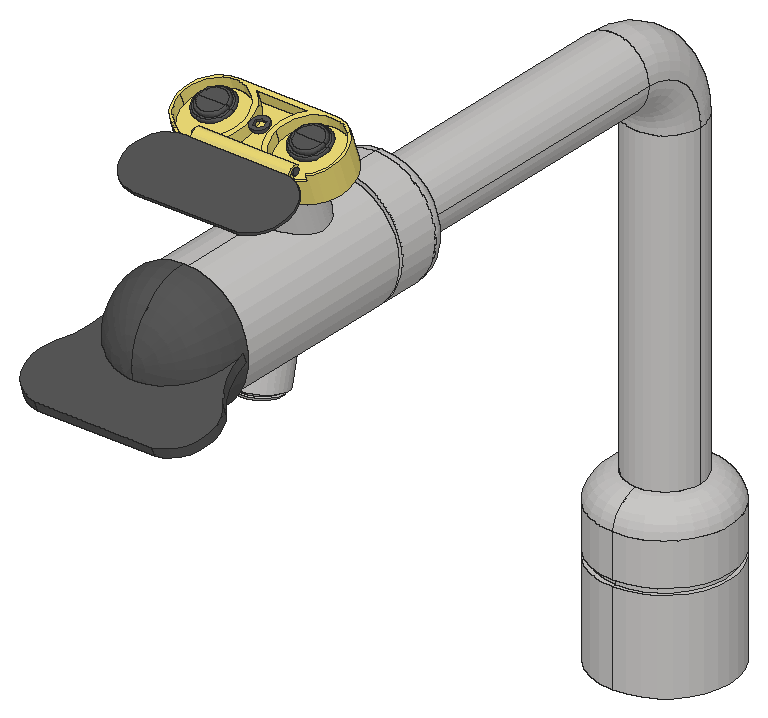
Revit family "SEF-1000-8", category Plumbing Fixtures, Revit 2023
Family settings
  Round Connector Dimension = Use Diameter
  Part Type = Normal
  OmniClass Number = 23.45.00.00
  OmniClass Title = Sanitary, Laundry, and Cleaning Equipment
  Work Plane-Based = No
  Enable Cutting in Views = No
  Always vertical = Yes
  Cut with Voids When Loaded = No
  Maintain Annotation Orientation = No
  Shared = No
  Room Calculation Point = No
Parameters
  Default Elevation = 0"
Reference planes (in)
  plane 1 "Center (Front/Back)": y = 0
  plane 2: z = 0
  plane 3 "Center (Left/Right)": x = 0
  plane 4: z = 0
  plane 5: z = 8.604
  plane 6 "Center L/S": y = -7.875
  plane 7: z = 10.865
  plane 8: z = 7.25
  plane 9 "Center L/T": y = -7.985
  plane 10 "Center L/U": y = -1.47
  plane 11 "Center L/V": y = -3.5
  plane 12: z = 4.624
  plane 13: y = -5.375
  plane 14: y = -10.375
  plane 15: y = -9.36
  plane 16: through (480, -8.23508, 10.66716) normal (0, -0.342, 0.9397)
  plane 17: through (480, -8.23508, 10.66716) normal (0, -0.9397, -0.342)
  plane 18: through (480, -7.23105, 11.0326) normal (0, -0.9397, -0.342)
  plane 19: through (480, -7.94437, 7.2604) normal (0, -0.9781, 0.2079)
  plane 20 "Center L/X": y = -9.11
  plane 21: through (480, -7.15558, 8.92506) normal (0, -0.9397, -0.342)
  plane 22 "Center L/Y": y = -7.875
  plane 23: z = 8.74234
  plane 24: through (480, -7.6576, 8.74234) normal (0, -0.342, 0.9397)
Forms (in)
  Revolve 1, solid, material "stailes steel"
    sketch origin (0, 0, 0) x (0, 1, 0) y (0, 0, 1)
      loop
        line (0, 2.626) -> (0, 0) -> (1.015, 0) -> (1.015, 1.4396) -> (0.94893, 1.4396) -> (0.94893, 1.53836) -> (1.015, 1.53836) -> (1.015, 2.20016)
        arc (1.015, 2.20016) -> (0.8634, 2.49646) -> (0.55682, 2.626) r 0.48657
        line (0.55682, 2.626) -> (0, 2.626)
      axis (0, 2.626) -> (0, 0)
    angle from 0 to 360
  Sweep 2, solid, material "stailes steel"
    path origin (0, -2.485, 1.998) x (0, 1, 0) y (0, 0, 1)
      loop
        line (2.485, 0.628) -> (2.485, 5.591)
        arc (2.485, 5.591) -> (2.18771, 6.30871) -> (1.47, 6.606) r 1.015
        line (1.47, 6.606) -> (-2.89, 6.606)
    profile origin (0, 0, 5.1075) x (0, -1, 0) y (1, 0, 0)
      loop
        circle (0, 0) r 0.55682
  Revolve 3, solid, material "stailes steel"
    sketch origin (0, -2.485, 1.998) x (0, 1, 0) y (0, 0, 1)
      loop
        line (-6.87061, 6.606) -> (-6.87061, 5.6742) -> (-3.8506, 5.6742) -> (-3.8506, 5.75791) -> (-3.77829, 5.75791) -> (-3.77829, 5.6742) -> (-3.14, 5.6742)
        arc (-3.14, 5.6742) -> (-2.96322, 5.74743) -> (-2.89, 5.9242) r 0.25
        line (-2.89, 5.9242) -> (-2.89, 6.606) -> (-6.87061, 6.606)
      axis (-6.87061, 6.606) -> (-2.89, 6.606)
    angle from 0 to 360
  Revolve 4, solid, material "black plactic"
    sketch origin (0, -2.485, 1.998) x (0, 1, 0) y (0, 0, 1)
      loop
        line (-6.87061, 6.606) -> (-6.87061, 7.606)
        arc (-6.87061, 7.606) -> (-7.57771, 7.31311) -> (-7.87061, 6.606) r 1
        line (-7.87061, 6.606) -> (-6.87061, 6.606)
      axis (-7.87061, 6.606) -> (-6.87061, 6.606)
    angle from 0 to 360
  Extrusion 5, solid, material "Black"
    sketch origin (0, -0.61314, 4.75101) x (1, 0, 0) y (0, 0.939693, 0.34202)
      loop
        line (-0.90764, -8.70609) -> (0.90764, -8.70609)
        arc (0.90764, -8.70609) -> (1.38946, -8.34068) -> (1.28845, -7.74445) r 0.58335
        arc (1.28845, -7.74445) -> (1.06599, -7.36615) -> (0.99201, -6.93357) r 1.21829
        arc (0.99201, -6.93357) -> (-0.00053, -7.80329) -> (-0.99122, -6.93146) r 1
        arc (-0.99122, -6.93146) -> (-1.06541, -7.36517) -> (-1.28845, -7.74445) r 1.22155
        arc (-1.28845, -7.74445) -> (-1.38946, -8.34068) -> (-0.90764, -8.70609) r 0.58335
    from 6.606 to 6.76284
  Revolve 6, solid, material "stailes steel"
    sketch origin (0, -1.75952, 2.10587) x (0, 0.999848, 0.017452) y (0, -0.017452, 0.999848)
      loop
        line (-6.11237, 5.34898) -> (-5.95855, 6.01522) -> (-6.3983, 6.11674) -> (-6.55211, 5.4505) -> (-6.11237, 5.34898)
      axis (-5.95855, 6.01522) -> (-6.11237, 5.34898)
    angle from 0 to 360
  Revolve 7, solid, material "stailes steel"
    sketch origin (0, -1.75952, 2.10587) x (0, 0.999848, 0.017452) y (0, -0.017452, 0.999848)
      loop
        line (-6.13476, 5.252) -> (-6.11222, 5.3496) -> (-6.45935, 5.42974) -> (-6.49303, 5.41749) -> (-6.48139, 5.38551) -> (-6.50785, 5.36743) -> (-6.49621, 5.33545) -> (-6.13476, 5.252)
      axis (-6.11222, 5.3496) -> (-6.13476, 5.252)
    angle from 0 to 360
  Extrusion 8, solid, material "yellow"
    sketch origin (0, 0.93555, 4.64) x (1, 0, 0) y (0, 0.939693, 0.34202)
      loop
        arc (-0.75, -5.60336) -> (-1.28424, -6.1376) -> (-0.75, -6.67183) r 0.53424
        line (-0.75, -6.67183) -> (0.75, -6.67183)
        arc (0.75, -6.67183) -> (1.28424, -6.1376) -> (0.75, -5.60336) r 0.53424
        line (0.75, -5.60336) -> (-0.75, -5.60336)
    from 8.367 to 8.867
  Revolve 9, solid, material "black plactic"
    sketch origin (0.07238, -4.86248, 2.71909) x (1, 0, 0) y (0, -0.34202, 0.939693)
      loop
        line (-0.81642, 8.78072) -> (-1.028, 8.78072)
        arc (-1.028, 8.78072) -> (-1.05867, 8.75005) -> (-1.028, 8.71939) r 0.03066
        line (-1.028, 8.71939) -> (-1.09196, 8.71939)
        arc (-1.09196, 8.71939) -> (-1.11469, 8.69666) -> (-1.09196, 8.67394) r 0.02273
        line (-1.09196, 8.67394) -> (-0.81642, 8.67394) -> (-0.81642, 8.78072)
      axis (-0.81642, 8.78072) -> (-0.81642, 8.67394)
    angle from 0 to 360
  Revolve 10, solid, material "black plactic"
    sketch origin (-0.07238, -4.84329, 2.58666) x (-1, 0, 0) y (0, 0.34202, -0.939693)
      loop
        line (-0.81642, -8.78072) -> (-0.81642, -8.67394) -> (-1.09196, -8.67394)
        arc (-1.09196, -8.67394) -> (-1.11469, -8.69666) -> (-1.09196, -8.71939) r 0.02273
        line (-1.09196, -8.71939) -> (-1.028, -8.71939)
        arc (-1.028, -8.71939) -> (-1.05867, -8.75005) -> (-1.028, -8.78072) r 0.03066
        line (-1.028, -8.78072) -> (-0.81642, -8.78072)
      axis (-0.81642, -8.78072) -> (-0.81642, -8.67394)
    angle from 0 to 360
  Extrusion 11, solid, material "black plactic"
    sketch origin (0, 0.90052, 4.73625) x (1, 0, 0) y (0, 0.939693, 0.34202)
      loop
        circle (0, -6.1376) r 0.1333
      loop
        line (0.08128, -6.15938) -> (0.0595, -6.07809) -> (-0.02178, -6.05631) -> (-0.08128, -6.11582) -> (-0.0595, -6.1971) -> (0.02178, -6.21888) -> (0.08128, -6.15938)
    from 8.66437 to 8.80094
  Extrusion 12, solid, material "yellow"
    sketch origin (0, 0.93555, 4.64) x (0, 0.939693, 0.34202) y (0, -0.34202, 0.939693)
      loop
        arc (-6.48571, 8.88472) -> (-6.64092, 8.91771) -> (-6.68995, 8.76679) r 0.11857
        line (-6.68995, 8.76679) -> (-6.48571, 8.88472)
    from -0.67108 to 0.85204
  Extrusion 13, solid, material "black plactic"
    sketch origin (0, -0.06848, 4.27456) x (1, 0, 0) y (0, 0.939693, 0.34202)
      loop
        line (0.75, -5.60336) -> (-0.75, -5.60336)
        arc (-0.75, -5.60336) -> (-1.28424, -6.1376) -> (-0.75, -6.67183) r 0.53424
        line (-0.75, -6.67183) -> (0.75, -6.67183)
        arc (0.75, -6.67183) -> (1.28424, -6.1376) -> (0.75, -5.60336) r 0.53424
    from 8.84664 to 8.88213
  Revolve 14, solid, material "stailes steel"
    sketch origin (0, -3.15796, 1.03938) x (0, 0.984808, -0.173648) y (0, 0.173648, 0.984808)
      loop
        line (-6.44829, 7.98135) -> (-5.76888, 6.80458) -> (-5.30621, 7.0717) -> (-5.98562, 8.24847) -> (-6.44829, 7.98135)
      axis (-5.98562, 8.24847) -> (-5.30621, 7.0717)
    angle from 0 to 360
  Revolve 15, solid
    sketch origin (0, -3.15796, 1.03938) x (0, 0.984808, -0.173648) y (0, 0.173648, 0.984808)
      loop
        arc (-6.55539, 8.16687) -> (-6.4694, 8.09284) -> (-6.44829, 7.98135) r 0.17187
        line (-6.44829, 7.98135) -> (-5.98562, 8.24847) -> (-6.09273, 8.43399) -> (-6.55539, 8.16687)
      axis (-6.09273, 8.43399) -> (-5.98562, 8.24847)
    angle from 0 to 360
  Extrusion 16, void
    sketch origin (0, -2.09714, 12.97225) x (-1, 0, 0) y (0, 0.939693, 0.34202)
      loop
        circle (-0.74404, -6.14276) r 0.5
      loop
        circle (0.74404, -6.14276) r 0.5
      loop
        line (0.38881, -5.68665) -> (-0.38881, -5.68665)
        arc (-0.38881, -5.68665) -> (-0.16592, -6.14276) -> (-0.38881, -6.59887) r 0.57812
        line (-0.38881, -6.59887) -> (0.38881, -6.59887)
        arc (0.38881, -6.59887) -> (0.16592, -6.14276) -> (0.38881, -5.68665) r 0.57812
    from 0 to 0.18125
  Revolve 17, solid, material "black plactic"
    sketch origin (1.57238, -4.86248, 2.71909) x (1, 0, 0) y (0, -0.34202, 0.939693)
      loop
        line (-0.81642, 8.78072) -> (-1.028, 8.78072)
        arc (-1.028, 8.78072) -> (-1.05867, 8.75005) -> (-1.028, 8.71939) r 0.03066
        line (-1.028, 8.71939) -> (-1.09196, 8.71939)
        arc (-1.09196, 8.71939) -> (-1.11469, 8.69666) -> (-1.09196, 8.67394) r 0.02273
        line (-1.09196, 8.67394) -> (-0.81642, 8.67394) -> (-0.81642, 8.78072)
      axis (-0.81642, 8.78072) -> (-0.81642, 8.67394)
    angle from 0 to 360
  Extrusion 18, solid, material "black plactic"
    sketch origin (0, 2.52825, 3.14628) x (0, 0.939693, 0.34202) y (0, -0.34202, 0.939693)
      loop
        circle (-7.56572, 10.81537) r 0.05096
    from -0.69654 to 0.88572
  Extrusion 19, void
    sketch origin (0, 2.52825, 3.14628) x (1, 0, 0) y (0, 0.939693, 0.34202)
      loop
        arc (-0.67108, -7.62317) -> (-0.8571, -7.61557) -> (-1.02745, -7.54044) r 0.5
        line (-1.02745, -7.54044) -> (-1.05144, -7.56443)
        arc (-1.05144, -7.56443) -> (-0.90776, -7.63377) -> (-0.75, -7.6576) r 0.53424
        line (-0.75, -7.6576) -> (-0.67108, -7.6576) -> (-0.67108, -7.62317)
    from 10.72563 to 10.83309
  Extrusion 20, void
    sketch origin (0, 2.52825, 3.14628) x (1, 0, 0) y (0, 0.939693, 0.34202)
      loop
        line (0.86049, -7.60578) -> (0.87306, -7.65268)
        arc (0.87306, -7.65268) -> (0.96366, -7.62076) -> (1.04931, -7.57726) r 0.73256
        line (1.04931, -7.57726) -> (1.02528, -7.54193)
        arc (1.02528, -7.54193) -> (0.94586, -7.58155) -> (0.86049, -7.60578) r 0.47724
    from 10.71517 to 10.85173
Cuts and joins
  Extrusion 16, Extrusion 19, Extrusion 20 cuts Revolve 3
  Extrusion 16, Extrusion 19, Extrusion 20 cuts Extrusion 8
  Extrusion 16, Extrusion 19, Extrusion 20 cuts Extrusion 12
  joined: Extrusion 8, Extrusion 12
  Extrusion 16 cuts Revolve 10
  Extrusion 16 cuts Extrusion 11
  joined: Revolve 10, Extrusion 11
  Extrusion 16 cuts Revolve 9
  Extrusion 16 cuts Revolve 14
  Extrusion 16 cuts Revolve 15
  Extrusion 19 cuts Extrusion 13
Dimensions and locks (in)
  level to plane 5 = 8.604"
  plane 6 "Center L/S" to plane 1 "Center (Front/Back)" = 7 7/8"
  plane 5 to plane 7 = 2.261"
  plane 9 "Center L/T" to plane 1 "Center (Front/Back)" = 7.985"
  plane 20 "Center L/X" to plane 1 "Center (Front/Back)" = 9.11"
  level to plane 8 = 7 1/4"
  angle plane 19 to plane 1 "Center (Front/Back)" = 12.00°
  angle plane 21 to plane 5 = 70.00°
  aligned and locked: level to plane 2
